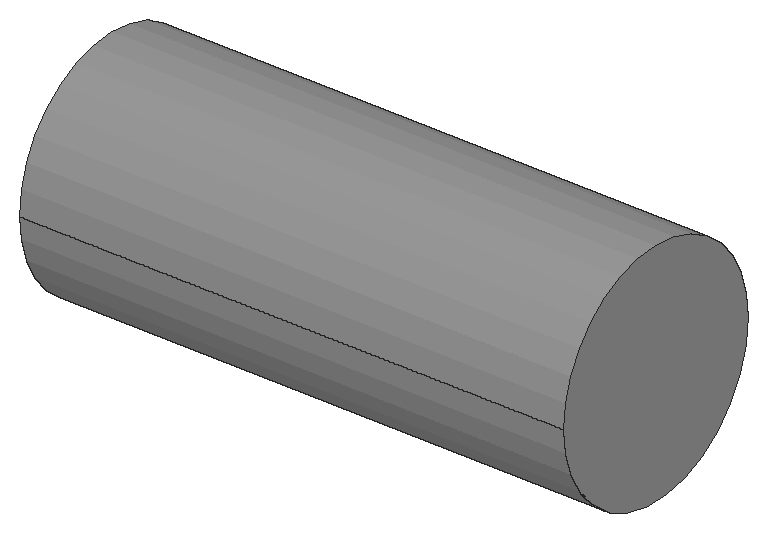
Revit family "NOSA Rebar Coupler", category Structural Rebar Couplers, Revit 2024
Family settings
  Work Plane-Based = No
  Always vertical = No
  Cut with Voids When Loaded = No
  Shared = No
  Align to View = Yes
Parameters (values of type "H25")
  Part Number = NOSA-CPL-H25
  NOSA_Content_Version = ""
  Manufacturer = ""
  External Diameter = 70 mm
  Symbol Width = 77 mm
  Symbol Length = 182.6 mm
  Material = Steel
  Total Length = 166 mm
  End Treatment 2 = Threaded
  End Treatment 1 = Threaded
  Description = ""
  Bar Size 2 = H50
  Bar Size 1 = H50
  Bar Engagement 2 = 38 mm
  Bar Engagement 1 = 38 mm
Types (7, lengths in mm): name | Part Number | External Diameter | Symbol Width | Symbol Length | Total Length | Bar Size 2 | Bar Size 1 | Bar Engagement 2 | Bar Engagement 1
  H25 | "NOSA-CPL-H25" | 38 | 49 | 135.8 | 75 | H25 | H25 | 38 mm | 38 mm
  H40 | "NOSA-CPL-H40" | 60 | 66 | 157.2 | 120 | H40 | H40 | 60 mm | 60 mm
  H32 | "NOSA-CPL-H32" | 48 | 58.5 | 140.4 | 100 | H32 | H32 | 50 mm | 50 mm
  H20 | "NOSA-CPL-H20" | 30 | 37.8 | 121.8 | 60 | H20 | H20 | 30 mm | 30 mm
  H16 | "NOSA-CPL-H16" | 24 | 33 | 91.5 | 50 | H16 | H16 | 25 mm | 25 mm
  H12 | "NOSA-CPL-H12" | 18 | 25.5 | 75 | 40 | H12 | H12 | 20 mm | 20 mm
  H10 | "NOSA-CPL-H10" | 16 | 25.5 | 73.5 | 30 | H10 | H10 | 15 mm | 15 mm
Reference planes
  plane 1: y = 0
  plane 2: z = 0
  plane 3: x = 0
  plane 4: y = 38.5
  plane 5: y = -38.5
  plane 6: x = -83
  plane 7: x = 83
  plane 8: x = -91.3
  plane 9: x = 91.3
Forms (mm)
  Extrusion 1, solid, material "Steel" <- "Material"
    sketch origin (-83, 75, 1200) x (0, 1, 0) y (0, 0, 1)
      loop
        circle (-75, -1200) r 35
    from 0 to 166
Lines and regions (mm)
  symbolic lines
    curve 1: line (-91.3, 38.5, 0) -> (91.3, 38.5, 0)
    curve 2: line (-91.3, -38.5, 0) -> (-91.3, 38.5, 0)
    curve 3: line (91.3, -38.5, 0) -> (-91.3, -38.5, 0)
    curve 4: line (91.3, 38.5, 0) -> (91.3, -38.5, 0)
  reference lines
    curve 5: circle (-83, 0, 0) r 35 normal (1, 0, 0)
Text (mm)
  text "Bar 1" at (-290.494, 8.209, 0), in view "Base"
  text "Bar 2" at (258.76, 8.209, 0), in view "Base"
Dimensions and locks
  "Symbol Length": plane 8 to plane 9
  equal spacing: plane 8, plane 3, plane 9
  "Total Length": plane 6 to plane 7
  equal spacing: plane 6, plane 3, plane 7
  "Symbol Width": plane 4 to plane 5
  equal spacing: plane 4, plane 1, plane 5
  "External Diameter": diameter of curve 5
  aligned and locked: curve 1 to plane 4
  aligned and locked: plane 8 to curve 2
  aligned and locked: plane 5 to curve 3
  aligned and locked: curve 4 to plane 9
  aligned and locked: Extrusion 1 sketch curve to curve 5
  aligned and locked: plane 7 to Extrusion 1
Automatic sketch dimensions
  curve 5 to level = 0 mm
  curve 5 to plane 1 = 0 mm
